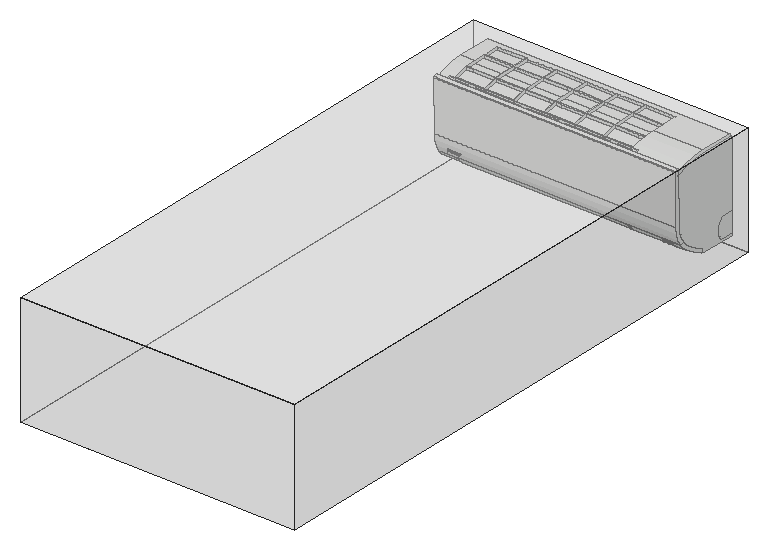
Revit family "outputfile", category 機械設備, Revit 2024 (continued)
Definition of nested family "DAIKIN_indoorunit_FTKF-AV14"
  Cuts and joins
    Extrusion 50 cuts Extrusion 49
    Extrusion 52, Extrusion 54 cuts Extrusion 2
    Extrusion 52, Extrusion 54 cuts Extrusion 6
    Extrusion 54 cuts Extrusion 53
    Extrusion 47 cuts Extrusion 46
  Lines and regions (mm)
    reference lines
      curve 1: line (-523, -203.827, -201.479) -> (-523, -197.847, -215.327)
      curve 2: line (-523, -218.956, -203.806) -> (-523, -217.93, -217.251)
      curve 3: line (-523, -253.284, -206.176) -> (-523, -252.024, -219.601)
  Dimensions and locks
    locked: Extrusion 9 sketch curve to Extrusion 9 sketch curve at 60
    locked: Extrusion 9 sketch curve to Extrusion 9 sketch curve at 50
    locked: Extrusion 11 sketch curve to Extrusion 11 sketch curve at 48.5
    equal spacing: plane 5, plane 3 "Center (Left/Right)", plane 4
    "Width": plane 5 to plane 4
    locked: Extrusion 8 sketch curve to plane 4 at 48
    "WALL HOLE-R": plane 5 to Extrusion 8 sketch curve
    "Height": plane 2 "reference_level" to plane 6
    locked: Extrusion 8 sketch curve to plane 6 at 45  (x2)
    Extrusion 13 to nested 2 = 36.0 mm
    locked: Extrusion 19 sketch curve to Extrusion 19 sketch curve at 60
    locked: Extrusion 20 sketch curve to Extrusion 20 sketch curve at 60
    Extrusion 21 sketch curve to Extrusion 21 sketch curve = 52.0 mm  (x2)
    Extrusion 11 sketch curve to Extrusion 11 sketch curve to plane 3 "Center (Left/Right)" = 60.0 mm locked, 286.0 mm locked
    plane 3 "Center (Left/Right)" to Extrusion 11 sketch curve to Extrusion 11 sketch curve = 259.0 mm locked, 60.0 mm locked
    Extrusion 21 sketch curve to Extrusion 21 sketch curve to plane 3 "Center (Left/Right)" to Extrusion 21 sketch curve to Extrusion 21 sketch curve = 60.0 mm, 309.0 mm, 309.0 mm, 60.0 mm
    Extrusion 42 sketch curve to plane 1 "Center (Front/Back)" = 61.8 mm
    Extrusion 42 sketch curve to Extrusion 42 sketch curve to plane 3 "Center (Left/Right)" to Extrusion 42 sketch curve to Extrusion 42 sketch curve = 73.5 mm locked, 395.5 mm locked, 395.5 mm locked, 73.5 mm locked
    aligned and locked: level to plane 2 "reference_level"
    aligned and locked: Extrusion 11 sketch curve to Extrusion 11 sketch curve  (x2)
    aligned and locked: Extrusion 8 to plane 1 "Center (Front/Back)"
    aligned and locked: nested 2 to curve 2
    aligned and locked: nested 3 to curve 3
    aligned and locked: Extrusion 42 sketch curve to Extrusion 42 sketch curve
  Automatic sketch dimensions
    Extrusion 4 sketch curve to plane 1 "Center (Front/Back)" = 0.0 mm
    plane 1 "Center (Front/Back)" to Extrusion 4 sketch curve = 2.596 mm
    plane 1 "Center (Front/Back)" to Extrusion 4 sketch curve = 22.05 mm
    Extrusion 4 sketch curve to level = 8.0 mm
    Extrusion 4 sketch curve to Extrusion 4 sketch curve = 87.469 mm
    Extrusion 4 sketch curve to Extrusion 4 sketch curve = 23.928 mm
    Extrusion 4 sketch curve to Extrusion 4 sketch curve = 26.307 mm
    Extrusion 4 sketch curve to Extrusion 4 sketch curve = 83.5 mm
    Extrusion 4 sketch curve to level = 28.539 mm
    Extrusion 4 sketch curve to Extrusion 4 sketch curve = 91.44 mm
    Extrusion 4 sketch curve to Extrusion 4 sketch curve = 12.229 mm
    Extrusion 4 sketch curve to Extrusion 4 sketch curve = 32.705 mm
    Extrusion 4 sketch curve to level = 43.491 mm
    Extrusion 4 sketch curve to Extrusion 4 sketch curve = 3.707 mm
    Extrusion 4 sketch curve to Extrusion 4 sketch curve = 52.472 mm
    Extrusion 4 sketch curve to Extrusion 4 sketch curve = 0.0 mm
    plane 1 "Center (Front/Back)" to Extrusion 5 sketch curve = 192.48 mm
    Extrusion 5 sketch curve to Extrusion 5 sketch curve = 11.872 mm
    Extrusion 5 sketch curve to Extrusion 5 sketch curve = 65.26 mm
    Extrusion 5 sketch curve to Extrusion 5 sketch curve = 0.31 mm  (x2)
    Extrusion 5 sketch curve to Extrusion 5 sketch curve = 66.449 mm
    plane 1 "Center (Front/Back)" to Extrusion 5 sketch curve = 22.36 mm
    Extrusion 5 sketch curve to level = 276.027 mm
    Extrusion 5 sketch curve to Extrusion 5 sketch curve = 10.915 mm
    Extrusion 5 sketch curve to Extrusion 5 sketch curve = 42.154 mm
    Extrusion 5 sketch curve to Extrusion 5 sketch curve = 1.37 mm
    Extrusion 5 sketch curve to Extrusion 5 sketch curve = 54.088 mm
    Extrusion 5 sketch curve to Extrusion 5 sketch curve = 0.0 mm  (x2)
    Extrusion 5 sketch curve to level = 43.491 mm
    plane 1 "Center (Front/Back)" to Extrusion 6 sketch curve = 192.48 mm
    Extrusion 6 sketch curve to Extrusion 6 sketch curve = 11.872 mm
    Extrusion 6 sketch curve to Extrusion 6 sketch curve = 65.26 mm
    Extrusion 6 sketch curve to Extrusion 6 sketch curve = 0.31 mm  (x2)
    Extrusion 6 sketch curve to Extrusion 6 sketch curve = 66.449 mm
    plane 1 "Center (Front/Back)" to Extrusion 6 sketch curve = 22.36 mm
    Extrusion 6 sketch curve to level = 276.027 mm
    Extrusion 6 sketch curve to Extrusion 6 sketch curve = 10.915 mm
    Extrusion 6 sketch curve to Extrusion 6 sketch curve = 42.154 mm
    Extrusion 6 sketch curve to Extrusion 6 sketch curve = 1.37 mm
    Extrusion 6 sketch curve to Extrusion 6 sketch curve = 54.088 mm
    Extrusion 6 sketch curve to Extrusion 6 sketch curve = 0.0 mm  (x2)
    Extrusion 6 sketch curve to level = 43.491 mm
    plane 1 "Center (Front/Back)" to Extrusion 7 sketch curve = 72.419 mm
    Extrusion 7 sketch curve to plane 3 "Center (Left/Right)" = 324.633 mm
    Extrusion 7 sketch curve to Extrusion 7 sketch curve = 0.0 mm  (x39)
    plane 1 "Center (Front/Back)" to Extrusion 7 sketch curve = 75.939 mm
    Extrusion 7 sketch curve to Extrusion 7 sketch curve = 20.633 mm  (x2)
    plane 1 "Center (Front/Back)" to Extrusion 7 sketch curve = 74.9 mm
    plane 1 "Center (Front/Back)" to Extrusion 7 sketch curve = 142.3 mm
    Extrusion 7 sketch curve to Extrusion 7 sketch curve = 24.633 mm
    Extrusion 7 sketch curve to Extrusion 7 sketch curve = 69.1 mm
    plane 1 "Center (Front/Back)" to Extrusion 7 sketch curve = 24.5 mm  (x4)
    Extrusion 7 sketch curve to Extrusion 7 sketch curve = 1.4 mm  (x23)
    Extrusion 7 sketch curve to Extrusion 7 sketch curve = 86.6 mm
    Extrusion 7 sketch curve to Extrusion 7 sketch curve = 70.6 mm
    Extrusion 7 sketch curve to Extrusion 7 sketch curve = 20.0 mm  (x4)
    plane 3 "Center (Left/Right)" to Extrusion 7 sketch curve = 36.5 mm  (x2)
    Extrusion 7 sketch curve to Extrusion 7 sketch curve = 87.0 mm
    Extrusion 7 sketch curve to Extrusion 7 sketch curve = 69.717 mm
    Extrusion 7 sketch curve to Extrusion 7 sketch curve = 1.026 mm
    Extrusion 7 sketch curve to Extrusion 7 sketch curve = 38.883 mm
    Extrusion 7 sketch curve to Extrusion 7 sketch curve = 39.104 mm
    Extrusion 7 sketch curve to Extrusion 7 sketch curve = 1.291 mm
    Extrusion 7 sketch curve to Extrusion 7 sketch curve = 1.048 mm  (x5)
    Extrusion 7 sketch curve to Extrusion 7 sketch curve = 41.2 mm
    Extrusion 7 sketch curve to Extrusion 7 sketch curve = 3.496 mm  (x2)
    Extrusion 7 sketch curve to Extrusion 7 sketch curve = 3.508 mm
    Extrusion 7 sketch curve to Extrusion 7 sketch curve = 63.904 mm
    Extrusion 7 sketch curve to Extrusion 7 sketch curve = 66.0 mm
    Extrusion 7 sketch curve to Extrusion 7 sketch curve = 3.386 mm
    Extrusion 9 sketch curve to plane 1 "Center (Front/Back)" = 0.0 mm
    Extrusion 9 sketch curve to Extrusion 9 sketch curve = 20.0 mm  (x2)
    Extrusion 9 sketch curve to level = 273.0 mm
    plane 1 "Center (Front/Back)" to Extrusion 11 sketch curve = 0.0 mm
    Extrusion 11 sketch curve to Extrusion 11 sketch curve = 18.5 mm  (x3)
    Extrusion 11 sketch curve to Extrusion 11 sketch curve = 23.0 mm
    Extrusion 12 sketch curve to level = 0.0 mm
    Extrusion 12 sketch curve to plane 1 "Center (Front/Back)" = 0.0 mm
    plane 1 "Center (Front/Back)" to Extrusion 12 sketch curve = 5.0 mm
    Extrusion 12 sketch curve to plane 1 "Center (Front/Back)" = 14.977 mm
    Extrusion 12 sketch curve to level = 9.02 mm
    Extrusion 12 sketch curve to level = 11.0 mm
    level to Extrusion 12 sketch curve = 9.314 mm
    plane 1 "Center (Front/Back)" to Extrusion 14 sketch curve = 23.5 mm  (x3)
    Extrusion 14 sketch curve to plane 3 "Center (Left/Right)" = 355.499 mm
    Extrusion 14 sketch curve to Extrusion 14 sketch curve = 0.0 mm  (x34)
    Extrusion 14 sketch curve to Extrusion 14 sketch curve = 101.5 mm
    Extrusion 14 sketch curve to Extrusion 14 sketch curve = 2.6 mm  (x8)
    Extrusion 14 sketch curve to Extrusion 14 sketch curve = 99.5 mm  (x2)
    Extrusion 14 sketch curve to plane 3 "Center (Left/Right)" = 54.549 mm
    Extrusion 14 sketch curve to Extrusion 14 sketch curve = 12.0 mm  (x7)
    plane 3 "Center (Left/Right)" to Extrusion 14 sketch curve = 52.301 mm  (x2)
    Extrusion 14 sketch curve to Extrusion 14 sketch curve = 73.2 mm  (x2)
    Extrusion 14 sketch curve to Extrusion 14 sketch curve = 2.4 mm  (x6)
    Extrusion 14 sketch curve to Extrusion 14 sketch curve = 71.0 mm  (x3)
    Extrusion 14 sketch curve to Extrusion 14 sketch curve = 1.6 mm  (x6)
    Extrusion 14 sketch curve to Extrusion 14 sketch curve = 30.0 mm  (x3)
    plane 1 "Center (Front/Back)" to Extrusion 15 sketch curve = 194.856 mm
    Extrusion 15 sketch curve to Extrusion 15 sketch curve = 9.074 mm
    Extrusion 15 sketch curve to Extrusion 15 sketch curve = 86.508 mm
    level to Extrusion 15 sketch curve = 11.72 mm
    plane 1 "Center (Front/Back)" to Extrusion 15 sketch curve = 52.895 mm
    Extrusion 15 sketch curve to Extrusion 15 sketch curve = 0.004 mm
    Extrusion 15 sketch curve to Extrusion 15 sketch curve = 0.033 mm
    Extrusion 15 sketch curve to level = 244.604 mm
    Extrusion 15 sketch curve to Extrusion 15 sketch curve = 7.382 mm
    plane 1 "Center (Front/Back)" to Extrusion 16 sketch curve = 194.856 mm
    Extrusion 16 sketch curve to Extrusion 16 sketch curve = 9.074 mm
    Extrusion 16 sketch curve to Extrusion 16 sketch curve = 86.508 mm
    level to Extrusion 16 sketch curve = 11.72 mm
    plane 1 "Center (Front/Back)" to Extrusion 16 sketch curve = 52.895 mm
    Extrusion 16 sketch curve to Extrusion 16 sketch curve = 0.004 mm
    Extrusion 16 sketch curve to level = 244.604 mm
    Extrusion 16 sketch curve to Extrusion 16 sketch curve = 7.382 mm
    Extrusion 16 sketch curve to Extrusion 16 sketch curve = 10.901 mm
    plane 1 "Center (Front/Back)" to Extrusion 17 sketch curve = 194.856 mm
    Extrusion 17 sketch curve to Extrusion 17 sketch curve = 9.074 mm
    Extrusion 17 sketch curve to Extrusion 17 sketch curve = 86.508 mm
    level to Extrusion 17 sketch curve = 11.72 mm
    plane 1 "Center (Front/Back)" to Extrusion 17 sketch curve = 52.895 mm
    Extrusion 17 sketch curve to Extrusion 17 sketch curve = 0.004 mm
    Extrusion 17 sketch curve to level = 244.604 mm
    Extrusion 17 sketch curve to Extrusion 17 sketch curve = 7.382 mm
    Extrusion 17 sketch curve to Extrusion 17 sketch curve = 10.901 mm
    Extrusion 19 sketch curve to plane 1 "Center (Front/Back)" = 0.0 mm
    Extrusion 19 sketch curve to Extrusion 19 sketch curve = 32.8 mm
    plane 1 "Center (Front/Back)" to Extrusion 19 sketch curve = 32.8 mm
    Extrusion 19 sketch curve to Extrusion 19 sketch curve = 19.2 mm
    Extrusion 19 sketch curve to level = 269.6 mm
    Extrusion 20 sketch curve to plane 1 "Center (Front/Back)" = 0.0 mm
    Extrusion 20 sketch curve to Extrusion 20 sketch curve = 32.8 mm  (x2)
    Extrusion 20 sketch curve to Extrusion 20 sketch curve = 19.2 mm
    Extrusion 20 sketch curve to level = 269.6 mm
    plane 1 "Center (Front/Back)" to Extrusion 21 sketch curve = 0.0 mm  (x2)
    Extrusion 21 sketch curve to Extrusion 21 sketch curve = 20.0 mm  (x4)
    Extrusion 22 sketch curve to plane 3 "Center (Left/Right)" = 339.0 mm
    plane 3 "Center (Left/Right)" to Extrusion 22 sketch curve = 231.0 mm
    plane 1 "Center (Front/Back)" to Extrusion 22 sketch curve = 202.769 mm
    Extrusion 22 sketch curve to Extrusion 22 sketch curve = 17.012 mm
    Extrusion 23 sketch curve to plane 3 "Center (Left/Right)" = 339.0 mm
    Extrusion 23 sketch curve to Extrusion 23 sketch curve = 15.0 mm  (x2)
    plane 3 "Center (Left/Right)" to Extrusion 23 sketch curve = 216.0 mm
    plane 1 "Center (Front/Back)" to Extrusion 23 sketch curve = 202.757 mm  (x2)
    Extrusion 23 sketch curve to Extrusion 23 sketch curve = 17.0 mm  (x2)
    Extrusion 24 sketch curve to plane 3 "Center (Left/Right)" = 324.0 mm
    Extrusion 24 sketch curve to Extrusion 24 sketch curve = 43.629 mm
    Extrusion 24 sketch curve to Extrusion 24 sketch curve = 1.5 mm  (x9)
    Extrusion 24 sketch curve to Extrusion 24 sketch curve = 21.542 mm  (x3)
    Extrusion 24 sketch curve to plane 3 "Center (Left/Right)" = 123.621 mm
    Extrusion 24 sketch curve to plane 3 "Center (Left/Right)" = 9.121 mm
    plane 3 "Center (Left/Right)" to Extrusion 24 sketch curve = 13.921 mm
    Extrusion 24 sketch curve to Extrusion 24 sketch curve = 132.208 mm
    Extrusion 24 sketch curve to Extrusion 24 sketch curve = 43.829 mm
    plane 1 "Center (Front/Back)" to Extrusion 24 sketch curve = 202.757 mm
    plane 1 "Center (Front/Back)" to Extrusion 24 sketch curve = 195.757 mm
    Extrusion 24 sketch curve to Extrusion 24 sketch curve = 7.0 mm  (x2)
    Extrusion 24 sketch curve to Extrusion 24 sketch curve = 3.5 mm  (x4)
    Extrusion 24 sketch curve to Extrusion 24 sketch curve = 12.0 mm
    Extrusion 26 sketch curve to plane 3 "Center (Left/Right)" = 373.412 mm
    Extrusion 26 sketch curve to Extrusion 26 sketch curve = 1.011 mm
    Extrusion 26 sketch curve to Extrusion 26 sketch curve = 15.228 mm
    Extrusion 26 sketch curve to Extrusion 26 sketch curve = 0.132 mm
    plane 3 "Center (Left/Right)" to Extrusion 26 sketch curve = 259.015 mm
    Extrusion 26 sketch curve to Extrusion 26 sketch curve = 0.133 mm
    Extrusion 26 sketch curve to Extrusion 26 sketch curve = 15.197 mm
    Extrusion 26 sketch curve to Extrusion 26 sketch curve = 16.358 mm
    plane 1 "Center (Front/Back)" to Extrusion 26 sketch curve = 238.673 mm
    Extrusion 26 sketch curve to Extrusion 26 sketch curve = 34.983 mm
    Extrusion 26 sketch curve to Extrusion 26 sketch curve = 3.79 mm  (x2)
    plane 3 "Center (Left/Right)" to Extrusion 26 sketch curve = 247.689 mm
    plane 1 "Center (Front/Back)" to Extrusion 26 sketch curve = 58.091 mm
    Extrusion 27 sketch curve to plane 3 "Center (Left/Right)" = 373.099 mm
    Extrusion 27 sketch curve to Extrusion 27 sketch curve = 0.698 mm
    Extrusion 27 sketch curve to Extrusion 27 sketch curve = 15.228 mm
    Extrusion 27 sketch curve to Extrusion 27 sketch curve = 0.132 mm
    Extrusion 27 sketch curve to Extrusion 27 sketch curve = 1.99 mm
    plane 3 "Center (Left/Right)" to Extrusion 27 sketch curve = 257.001 mm
    Extrusion 27 sketch curve to Extrusion 27 sketch curve = 2.014 mm
    Extrusion 27 sketch curve to Extrusion 27 sketch curve = 0.133 mm
    Extrusion 27 sketch curve to Extrusion 27 sketch curve = 15.196 mm
    Extrusion 27 sketch curve to Extrusion 27 sketch curve = 18.053 mm
    plane 1 "Center (Front/Back)" to Extrusion 27 sketch curve = 226.673 mm  (x2)
    Extrusion 27 sketch curve to Extrusion 27 sketch curve = 22.983 mm  (x2)
    Extrusion 27 sketch curve to Extrusion 27 sketch curve = 3.79 mm  (x2)
    Extrusion 28 sketch curve to plane 3 "Center (Left/Right)" = 355.05 mm
    plane 3 "Center (Left/Right)" to Extrusion 28 sketch curve = 257.001 mm
    plane 1 "Center (Front/Back)" to Extrusion 28 sketch curve = 226.673 mm
    Extrusion 28 sketch curve to Extrusion 28 sketch curve = 22.983 mm
    Extrusion 29 sketch curve to level = 0.0 mm
    Extrusion 29 sketch curve to level = 30.0 mm
    plane 1 "Center (Front/Back)" to Extrusion 29 sketch curve = 238.673 mm
    Extrusion 29 sketch curve to Extrusion 29 sketch curve = 38.773 mm
    Extrusion 29 sketch curve to Extrusion 29 sketch curve = 0.0 mm  (x2)
    plane 1 "Center (Front/Back)" to Extrusion 29 sketch curve = 45.84 mm
    Extrusion 29 sketch curve to plane 1 "Center (Front/Back)" = 14.977 mm
    Extrusion 29 sketch curve to Extrusion 29 sketch curve = 994.66 mm
    Extrusion 29 sketch curve to Extrusion 29 sketch curve = 0.163 mm
    Extrusion 29 sketch curve to Extrusion 29 sketch curve = 7.224 mm
    Extrusion 29 sketch curve to level = 11.646 mm
    level to Extrusion 29 sketch curve = 9.314 mm
    Extrusion 29 sketch curve to Extrusion 29 sketch curve = 13.398 mm
    Extrusion 30 sketch curve to Extrusion 30 sketch curve = 0.0 mm  (x2)
    plane 1 "Center (Front/Back)" to Extrusion 30 sketch curve = 189.887 mm
    Extrusion 30 sketch curve to Extrusion 30 sketch curve = 11.307 mm
    Extrusion 30 sketch curve to Extrusion 30 sketch curve = 46.464 mm
    Extrusion 30 sketch curve to Extrusion 30 sketch curve = 21.724 mm
    Extrusion 30 sketch curve to level = 277.1 mm
    Extrusion 30 sketch curve to Extrusion 30 sketch curve = 22.499 mm
    Extrusion 31 sketch curve to Extrusion 31 sketch curve = 0.0 mm  (x2)
    plane 1 "Center (Front/Back)" to Extrusion 31 sketch curve = 189.887 mm
    Extrusion 31 sketch curve to Extrusion 31 sketch curve = 11.307 mm
    Extrusion 31 sketch curve to Extrusion 31 sketch curve = 46.464 mm
    Extrusion 31 sketch curve to Extrusion 31 sketch curve = 21.724 mm
    Extrusion 31 sketch curve to level = 277.1 mm
    Extrusion 31 sketch curve to Extrusion 31 sketch curve = 22.499 mm
    Extrusion 32 sketch curve to Extrusion 32 sketch curve = 0.0 mm  (x2)
    plane 1 "Center (Front/Back)" to Extrusion 32 sketch curve = 185.929 mm
    Extrusion 32 sketch curve to Extrusion 32 sketch curve = 6.899 mm
    Extrusion 32 sketch curve to Extrusion 32 sketch curve = 9.219 mm
    Extrusion 32 sketch curve to Extrusion 32 sketch curve = 7.915 mm
    Extrusion 32 sketch curve to level = 264.005 mm
    Extrusion 32 sketch curve to Extrusion 32 sketch curve = 7.405 mm
    Extrusion 33 sketch curve to Extrusion 33 sketch curve = 0.0 mm  (x2)
    plane 1 "Center (Front/Back)" to Extrusion 33 sketch curve = 185.929 mm
    Extrusion 33 sketch curve to Extrusion 33 sketch curve = 6.899 mm
    Extrusion 33 sketch curve to Extrusion 33 sketch curve = 9.219 mm
    Extrusion 33 sketch curve to Extrusion 33 sketch curve = 7.915 mm
    Extrusion 33 sketch curve to level = 264.005 mm
    Extrusion 33 sketch curve to Extrusion 33 sketch curve = 7.405 mm
    plane 1 "Center (Front/Back)" to Extrusion 36 sketch curve = 233.849 mm
    Extrusion 36 sketch curve to Extrusion 36 sketch curve = 11.574 mm
    Extrusion 36 sketch curve to Extrusion 36 sketch curve = 106.825 mm
    Extrusion 36 sketch curve to Extrusion 36 sketch curve = 0.0 mm
    level to Extrusion 36 sketch curve = 3.941 mm
    plane 1 "Center (Front/Back)" to Extrusion 36 sketch curve = 90.201 mm
    Extrusion 36 sketch curve to Extrusion 36 sketch curve = 0.002 mm
    Extrusion 36 sketch curve to Extrusion 36 sketch curve = 0.776 mm
    Extrusion 36 sketch curve to level = 250.06 mm
    Extrusion 36 sketch curve to Extrusion 36 sketch curve = 9.301 mm
    Extrusion 36 sketch curve to Extrusion 36 sketch curve = 31.169 mm
    Extrusion 36 sketch curve to Extrusion 36 sketch curve = 13.702 mm
    Extrusion 36 sketch curve to Extrusion 36 sketch curve = 27.641 mm
    plane 1 "Center (Front/Back)" to Extrusion 37 sketch curve = 233.849 mm
    Extrusion 37 sketch curve to Extrusion 37 sketch curve = 11.574 mm
    Extrusion 37 sketch curve to Extrusion 37 sketch curve = 106.825 mm
    Extrusion 37 sketch curve to Extrusion 37 sketch curve = 0.0 mm
    level to Extrusion 37 sketch curve = 3.941 mm
    plane 1 "Center (Front/Back)" to Extrusion 37 sketch curve = 90.201 mm
    Extrusion 37 sketch curve to Extrusion 37 sketch curve = 0.002 mm
    Extrusion 37 sketch curve to Extrusion 37 sketch curve = 0.776 mm
    Extrusion 37 sketch curve to level = 250.06 mm
    Extrusion 37 sketch curve to Extrusion 37 sketch curve = 9.301 mm
    Extrusion 37 sketch curve to Extrusion 37 sketch curve = 31.169 mm
    Extrusion 37 sketch curve to Extrusion 37 sketch curve = 13.702 mm
    Extrusion 37 sketch curve to Extrusion 37 sketch curve = 27.641 mm
    plane 1 "Center (Front/Back)" to Extrusion 38 sketch curve = 233.849 mm
    Extrusion 38 sketch curve to Extrusion 38 sketch curve = 11.574 mm
    Extrusion 38 sketch curve to Extrusion 38 sketch curve = 106.825 mm
    Extrusion 38 sketch curve to Extrusion 38 sketch curve = 0.0 mm
    level to Extrusion 38 sketch curve = 3.941 mm
    plane 1 "Center (Front/Back)" to Extrusion 38 sketch curve = 90.201 mm
    Extrusion 38 sketch curve to Extrusion 38 sketch curve = 0.002 mm
    Extrusion 38 sketch curve to Extrusion 38 sketch curve = 0.776 mm
    Extrusion 38 sketch curve to level = 250.06 mm
    Extrusion 38 sketch curve to Extrusion 38 sketch curve = 9.301 mm
    Extrusion 38 sketch curve to Extrusion 38 sketch curve = 31.169 mm
    Extrusion 38 sketch curve to Extrusion 38 sketch curve = 13.702 mm
    Extrusion 38 sketch curve to Extrusion 38 sketch curve = 27.641 mm
    Extrusion 40 sketch curve to plane 1 "Center (Front/Back)" = 0.0 mm
    plane 1 "Center (Front/Back)" to Extrusion 40 sketch curve = 41.8 mm
    Extrusion 40 sketch curve to Extrusion 40 sketch curve = 0.0 mm  (x2)
    Extrusion 40 sketch curve to Extrusion 40 sketch curve = 20.0 mm
    Extrusion 40 sketch curve to level = 275.5 mm
    Extrusion 40 sketch curve to Extrusion 40 sketch curve = 33.5 mm
    Extrusion 41 sketch curve to plane 1 "Center (Front/Back)" = 0.0 mm
    plane 1 "Center (Front/Back)" to Extrusion 41 sketch curve = 41.8 mm
    Extrusion 41 sketch curve to Extrusion 41 sketch curve = 0.0 mm
    Extrusion 41 sketch curve to Extrusion 41 sketch curve = 20.0 mm
    Extrusion 41 sketch curve to level = 202.0 mm
    Extrusion 41 sketch curve to Extrusion 41 sketch curve = 33.5 mm
    plane 1 "Center (Front/Back)" to Extrusion 42 sketch curve = 0.0 mm  (x2)
    Extrusion 42 sketch curve to Extrusion 42 sketch curve = 20.0 mm  (x4)
    plane 3 "Center (Left/Right)" to Extrusion 44 sketch curve = 380.0 mm
    Extrusion 46 sketch curve to plane 3 "Center (Left/Right)" = 466.5 mm
    plane 3 "Center (Left/Right)" to Extrusion 46 sketch curve = 366.0 mm
    plane 1 "Center (Front/Back)" to Extrusion 46 sketch curve = 264.436 mm
    Extrusion 46 sketch curve to Extrusion 46 sketch curve = 25.436 mm
    Extrusion 47 sketch curve to level = 33.272 mm
    Extrusion 47 sketch curve to level = 22.853 mm
    level to Extrusion 47 sketch curve = 5.0 mm
    Extrusion 48 sketch curve to Extrusion 48 sketch curve = 20.148 mm
    Extrusion 48 sketch curve to Extrusion 48 sketch curve = 44.745 mm
    Extrusion 48 sketch curve to Extrusion 48 sketch curve = 22.502 mm
    level to Extrusion 48 sketch curve = 6.546 mm
    plane 1 "Center (Front/Back)" to Extrusion 48 sketch curve = 89.423 mm
    Extrusion 48 sketch curve to Extrusion 48 sketch curve = 0.0 mm  (x2)
    Extrusion 48 sketch curve to Extrusion 48 sketch curve = 11.127 mm
    Extrusion 49 sketch curve to Extrusion 49 sketch curve = 0.0 mm  (x2)
    level to Extrusion 49 sketch curve = 6.546 mm
    plane 1 "Center (Front/Back)" to Extrusion 49 sketch curve = 89.423 mm
    Extrusion 49 sketch curve to level = 261.498 mm
    Extrusion 49 sketch curve to Extrusion 49 sketch curve = 11.127 mm
    Extrusion 49 sketch curve to Extrusion 49 sketch curve = 64.893 mm
    Extrusion 49 sketch curve to Extrusion 49 sketch curve = 20.148 mm
    Extrusion 50 sketch curve to Extrusion 50 sketch curve = 8.97 mm
    Extrusion 50 sketch curve to Extrusion 50 sketch curve = 7.404 mm
    level to Extrusion 50 sketch curve = 6.546 mm
    Extrusion 50 sketch curve to Extrusion 50 sketch curve = 6.785 mm
    Extrusion 50 sketch curve to Extrusion 50 sketch curve = 7.726 mm
    Extrusion 50 sketch curve to Extrusion 50 sketch curve = 0.0 mm  (x2)
    plane 1 "Center (Front/Back)" to Extrusion 50 sketch curve = 89.423 mm
    Extrusion 51 sketch curve to Extrusion 51 sketch curve = 0.0 mm  (x2)
    level to Extrusion 51 sketch curve = 6.546 mm
    plane 1 "Center (Front/Back)" to Extrusion 51 sketch curve = 89.423 mm
    Extrusion 51 sketch curve to level = 263.5 mm
    Extrusion 51 sketch curve to Extrusion 51 sketch curve = 6.785 mm
    Extrusion 51 sketch curve to Extrusion 51 sketch curve = 16.697 mm
    Extrusion 51 sketch curve to Extrusion 51 sketch curve = 7.726 mm
    Extrusion 10 sketch curve to plane 1 "Center (Front/Back)" = 0.0 mm
    plane 1 "Center (Front/Back)" to Extrusion 10 sketch curve = 30.0 mm
    Extrusion 10 sketch curve to Extrusion 10 sketch curve = 0.0 mm
    Extrusion 10 sketch curve to Extrusion 10 sketch curve = 20.0 mm  (x2)
    Extrusion 10 sketch curve to level = 273.0 mm
    Extrusion 3 sketch curve to level = 13.692 mm
    plane 1 "Center (Front/Back)" to Extrusion 3 sketch curve = 211.618 mm
    Extrusion 3 sketch curve to Extrusion 3 sketch curve = 0.618 mm
    Extrusion 3 sketch curve to Extrusion 3 sketch curve = 1.902 mm
    Extrusion 3 sketch curve to Extrusion 3 sketch curve = 2.0 mm
    Extrusion 3 sketch curve to level = 10.816 mm
    Extrusion 3 sketch curve to Extrusion 3 sketch curve = 8.849 mm
    Extrusion 3 sketch curve to Extrusion 3 sketch curve = 2.652 mm
    Extrusion 3 sketch curve to Extrusion 3 sketch curve = 151.871 mm
    Extrusion 3 sketch curve to Extrusion 3 sketch curve = 95.0 mm
    Extrusion 3 sketch curve to Extrusion 3 sketch curve = 10.31 mm
    Extrusion 3 sketch curve to Extrusion 3 sketch curve = 6.572 mm
    Extrusion 3 sketch curve to Extrusion 3 sketch curve = 0.097 mm
    Extrusion 3 sketch curve to Extrusion 3 sketch curve = 0.31 mm
    Extrusion 3 sketch curve to Extrusion 3 sketch curve = 11.812 mm
    plane 1 "Center (Front/Back)" to Extrusion 2 sketch curve = 115.348 mm
    plane 1 "Center (Front/Back)" to Extrusion 2 sketch curve = 22.36 mm
    Extrusion 2 sketch curve to level = 167.5 mm
    Extrusion 2 sketch curve to level = 43.491 mm
    Extrusion 2 sketch curve to Extrusion 2 sketch curve = 1.189 mm
    Extrusion 2 sketch curve to Extrusion 2 sketch curve = 58.182 mm
    Extrusion 2 sketch curve to Extrusion 2 sketch curve = 0.0 mm  (x4)
    Extrusion 2 sketch curve to Extrusion 2 sketch curve = 20.14 mm
    Extrusion 2 sketch curve to Extrusion 2 sketch curve = 0.31 mm  (x2)
    Extrusion 2 sketch curve to Extrusion 2 sketch curve = 11.872 mm
    Extrusion 2 sketch curve to Extrusion 2 sketch curve = 6.31 mm
    Extrusion 52 sketch curve to Extrusion 52 sketch curve = 0.0 mm  (x5)
    Extrusion 52 sketch curve to Extrusion 52 sketch curve = 52.75 mm
    plane 1 "Center (Front/Back)" to Extrusion 52 sketch curve = 22.36 mm
    Extrusion 52 sketch curve to Extrusion 52 sketch curve = 35.994 mm
    Extrusion 52 sketch curve to Extrusion 52 sketch curve = 64.506 mm
    Extrusion 52 sketch curve to level = 43.491 mm
    Extrusion 52 sketch curve to Extrusion 52 sketch curve = 6.981 mm
    Extrusion 52 sketch curve to Extrusion 52 sketch curve = 5.769 mm
    Extrusion 52 sketch curve to Extrusion 52 sketch curve = 3.0 mm
    Extrusion 52 sketch curve to Extrusion 52 sketch curve = 11.895 mm
    plane 1 "Center (Front/Back)" to Extrusion 53 sketch curve = 22.36 mm
    Extrusion 53 sketch curve to level = 43.491 mm
    Extrusion 53 sketch curve to Extrusion 53 sketch curve = 5.097 mm
    Extrusion 53 sketch curve to Extrusion 53 sketch curve = 48.896 mm
    Extrusion 53 sketch curve to Extrusion 53 sketch curve = 0.0 mm  (x6)
    Extrusion 53 sketch curve to Extrusion 53 sketch curve = 8.769 mm
    Extrusion 53 sketch curve to Extrusion 53 sketch curve = 11.895 mm
    Extrusion 53 sketch curve to Extrusion 53 sketch curve = 6.981 mm
    Extrusion 53 sketch curve to Extrusion 53 sketch curve = 3.0 mm
    Extrusion 54 sketch curve to Extrusion 54 sketch curve = 0.0 mm  (x6)
    Extrusion 54 sketch curve to Extrusion 54 sketch curve = 9.206 mm
    Extrusion 54 sketch curve to Extrusion 54 sketch curve = 61.422 mm
    plane 1 "Center (Front/Back)" to Extrusion 54 sketch curve = 22.36 mm
    Extrusion 54 sketch curve to Extrusion 54 sketch curve = 11.007 mm
    Extrusion 54 sketch curve to level = 43.491 mm
    Extrusion 54 sketch curve to Extrusion 54 sketch curve = 4.409 mm
    Extrusion 54 sketch curve to Extrusion 54 sketch curve = 1.8 mm
    Extrusion 54 sketch curve to Extrusion 54 sketch curve = 5.228 mm
    Extrusion 55 sketch curve to Extrusion 55 sketch curve = 61.422 mm
    Extrusion 55 sketch curve to level = 235.993 mm
    Extrusion 55 sketch curve to Extrusion 55 sketch curve = 4.409 mm
    Extrusion 55 sketch curve to Extrusion 55 sketch curve = 6.229 mm
    plane 1 "Center (Front/Back)" to Extrusion 55 sketch curve = 22.36 mm
    Extrusion 55 sketch curve to Extrusion 55 sketch curve = 0.0 mm  (x6)
    Extrusion 55 sketch curve to Extrusion 55 sketch curve = 8.205 mm
    Extrusion 55 sketch curve to Extrusion 55 sketch curve = 5.228 mm
    Extrusion 55 sketch curve to Extrusion 55 sketch curve = 1.8 mm
    Extrusion 25 sketch curve to Extrusion 25 sketch curve = 0.0 mm  (x4)
    Extrusion 25 sketch curve to level = 0.0 mm
    Extrusion 25 sketch curve to level = 35.0 mm
    plane 1 "Center (Front/Back)" to Extrusion 25 sketch curve = 205.202 mm
    Extrusion 25 sketch curve to Extrusion 25 sketch curve = 19.445 mm
    plane 1 "Center (Front/Back)" to Extrusion 25 sketch curve = 104.232 mm
    Extrusion 25 sketch curve to Extrusion 25 sketch curve = 209.941 mm
    Extrusion 25 sketch curve to Extrusion 25 sketch curve = 4.474 mm
    Extrusion 25 sketch curve to Extrusion 25 sketch curve = 8.811 mm
    Extrusion 12 sketch curve to Extrusion 12 sketch curve = 1.396 mm
    plane 1 "Center (Front/Back)" to Extrusion 12 sketch curve = 45.84 mm
    Extrusion 12 sketch curve to Extrusion 12 sketch curve = 0.0 mm
    Extrusion 12 sketch curve to Extrusion 12 sketch curve = 0.163 mm
    Extrusion 12 sketch curve to level = 26.758 mm
    Extrusion 18 sketch curve to plane 1 "Center (Front/Back)" = 0.0 mm
    level to Extrusion 18 sketch curve = 4.099 mm
    Extrusion 18 sketch curve to Extrusion 18 sketch curve = 0.857 mm
    Extrusion 18 sketch curve to Extrusion 18 sketch curve = 6.16 mm
    Extrusion 18 sketch curve to Extrusion 18 sketch curve = 46.473 mm
    Extrusion 18 sketch curve to Extrusion 18 sketch curve = 0.052 mm
    Extrusion 18 sketch curve to Extrusion 18 sketch curve = 69.066 mm
    Extrusion 18 sketch curve to Extrusion 18 sketch curve = 29.316 mm
    Extrusion 18 sketch curve to level = 26.762 mm
    Extrusion 18 sketch curve to Extrusion 18 sketch curve = 178.061 mm
    Extrusion 18 sketch curve to Extrusion 18 sketch curve = 4.015 mm
    Extrusion 18 sketch curve to Extrusion 18 sketch curve = 52.325 mm
    Extrusion 18 sketch curve to Extrusion 18 sketch curve = 11.703 mm
    Extrusion 18 sketch curve to Extrusion 18 sketch curve = 3.729 mm
    Extrusion 18 sketch curve to Extrusion 18 sketch curve = 7.779 mm
    Extrusion 18 sketch curve to level = 11.0 mm
    plane 1 "Center (Front/Back)" to Extrusion 18 sketch curve = 45.84 mm
    Extrusion 13 sketch curve to level = 15.416 mm
    plane 1 "Center (Front/Back)" to Extrusion 13 sketch curve = 197.648 mm
    Extrusion 13 sketch curve to Extrusion 13 sketch curve = 21.851 mm
    Extrusion 13 sketch curve to Extrusion 13 sketch curve = 8.255 mm
    plane 1 "Center (Front/Back)" to Extrusion 13 sketch curve = 46.245 mm
    Extrusion 13 sketch curve to Extrusion 13 sketch curve = 6.169 mm
    Extrusion 13 sketch curve to Extrusion 13 sketch curve = 10.292 mm
    Extrusion 13 sketch curve to Extrusion 13 sketch curve = 0.363 mm
    Extrusion 13 sketch curve to Extrusion 13 sketch curve = 1.994 mm
    Extrusion 13 sketch curve to Extrusion 13 sketch curve = 5.69 mm
    Extrusion 13 sketch curve to Extrusion 13 sketch curve = 20.433 mm
    Extrusion 13 sketch curve to Extrusion 13 sketch curve = 0.0 mm  (x3)
    Extrusion 13 sketch curve to Extrusion 13 sketch curve = 1.84 mm
    Extrusion 13 sketch curve to Extrusion 13 sketch curve = 9.251 mm
    Extrusion 13 sketch curve to Extrusion 13 sketch curve = 6.958 mm
    Extrusion 13 sketch curve to Extrusion 13 sketch curve = 0.157 mm
    Extrusion 13 sketch curve to level = 12.416 mm
    Extrusion 13 sketch curve to Extrusion 13 sketch curve = 201.658 mm
    Extrusion 34 sketch curve to plane 1 "Center (Front/Back)" = 0.0 mm
    Extrusion 34 sketch curve to level = 9.411 mm
    level to Extrusion 34 sketch curve = 0.0 mm
    plane 1 "Center (Front/Back)" to Extrusion 34 sketch curve = 5.217 mm
    Extrusion 34 sketch curve to Extrusion 34 sketch curve = 1.455 mm
    Extrusion 34 sketch curve to level = 10.748 mm
    Extrusion 34 sketch curve to Extrusion 34 sketch curve = 76.023 mm
    Extrusion 34 sketch curve to Extrusion 34 sketch curve = 0.06 mm
    Extrusion 34 sketch curve to level = 288.701 mm
    Extrusion 34 sketch curve to level = 18.596 mm
    Extrusion 34 sketch curve to Extrusion 34 sketch curve = 1.224 mm
    Extrusion 34 sketch curve to Extrusion 34 sketch curve = 3.693 mm
    Extrusion 34 sketch curve to level = 29.099 mm
    Extrusion 34 sketch curve to Extrusion 34 sketch curve = 1.436 mm
    Extrusion 35 sketch curve to plane 1 "Center (Front/Back)" = 0.0 mm
    plane 1 "Center (Front/Back)" to Extrusion 35 sketch curve = 61.8 mm
    Extrusion 35 sketch curve to level = 11.0 mm
    plane 1 "Center (Front/Back)" to Extrusion 35 sketch curve = 61.32 mm
    Extrusion 35 sketch curve to Extrusion 35 sketch curve = 52.85 mm
    Extrusion 35 sketch curve to Extrusion 35 sketch curve = 286.0 mm
    Extrusion 35 sketch curve to Extrusion 35 sketch curve = 2.004 mm
    Extrusion 35 sketch curve to Extrusion 35 sketch curve = 14.501 mm
    plane 1 "Center (Front/Back)" to Extrusion 35 sketch curve = 82.524 mm
    Extrusion 35 sketch curve to level = 29.099 mm
    Extrusion 35 sketch curve to level = 222.656 mm
    Extrusion 35 sketch curve to Extrusion 35 sketch curve = 43.948 mm
    Extrusion 35 sketch curve to Extrusion 35 sketch curve = 6.011 mm
    Extrusion 35 sketch curve to Extrusion 35 sketch curve = 14.16 mm
    level to Extrusion 35 sketch curve = 3.956 mm
    Extrusion 35 sketch curve to Extrusion 35 sketch curve = 28.88 mm
    Extrusion 35 sketch curve to Extrusion 35 sketch curve = 602.782 mm
    plane 1 "Center (Front/Back)" to Extrusion 39 sketch curve = 234.424 mm
    level to Extrusion 39 sketch curve = 23.59 mm
    plane 1 "Center (Front/Back)" to Extrusion 39 sketch curve = 83.906 mm
    Extrusion 39 sketch curve to level = 258.8 mm
    Extrusion 39 sketch curve to Extrusion 39 sketch curve = 14.508 mm
    Extrusion 39 sketch curve to Extrusion 39 sketch curve = 11.757 mm
    Extrusion 39 sketch curve to Extrusion 39 sketch curve = 9.554 mm
    Extrusion 39 sketch curve to Extrusion 39 sketch curve = 13.936 mm
    Extrusion 39 sketch curve to Extrusion 39 sketch curve = 26.899 mm
    Extrusion 39 sketch curve to Extrusion 39 sketch curve = 6.12 mm
    Extrusion 39 sketch curve to level = 18.854 mm
    Extrusion 39 sketch curve to level = 21.943 mm
    Extrusion 39 sketch curve to Extrusion 39 sketch curve = 7.064 mm
    plane 1 "Center (Front/Back)" to Extrusion 39 sketch curve = 81.184 mm
    Extrusion 39 sketch curve to Extrusion 39 sketch curve = 3.033 mm
    Extrusion 39 sketch curve to Extrusion 39 sketch curve = 0.318 mm
    Extrusion 39 sketch curve to Extrusion 39 sketch curve = 0.0 mm
    Extrusion 39 sketch curve to Extrusion 39 sketch curve = 1.499 mm
    curve 3 to level = 219.601 mm
    plane 1 "Center (Front/Back)" to curve 1 = 197.847 mm
    curve 3 to curve 2 = 2.35 mm
    curve 2 to curve 1 = 1.924 mm
    curve 3 to curve 3 = 13.425 mm
    curve 2 to curve 2 = 13.445 mm
    curve 1 to curve 1 = 13.848 mm
    curve 1 to curve 1 = 5.98 mm
    curve 1 to curve 2 = 20.083 mm
    curve 2 to curve 2 = 1.025 mm
    curve 2 to curve 3 = 34.094 mm
    curve 3 to curve 3 = 1.26 mm
    plane 1 "Center (Front/Back)" to Extrusion 43 sketch curve = 23.5 mm  (x4)
    Extrusion 43 sketch curve to plane 3 "Center (Left/Right)" = 465.5 mm
    Extrusion 43 sketch curve to Extrusion 43 sketch curve = 0.0 mm  (x44)
    Extrusion 43 sketch curve to Extrusion 43 sketch curve = 104.0 mm
    Extrusion 43 sketch curve to Extrusion 43 sketch curve = 2.5 mm  (x21)
    Extrusion 43 sketch curve to Extrusion 43 sketch curve = 101.0 mm  (x4)
    Extrusion 43 sketch curve to plane 3 "Center (Left/Right)" = 51.0 mm
    plane 3 "Center (Left/Right)" to Extrusion 43 sketch curve = 52.5 mm
    Extrusion 43 sketch curve to Extrusion 43 sketch curve = 57.7 mm
    Extrusion 43 sketch curve to Extrusion 43 sketch curve = 16.8 mm  (x3)
    Extrusion 43 sketch curve to Extrusion 43 sketch curve = 17.25 mm  (x3)
    Extrusion 43 sketch curve to Extrusion 43 sketch curve = 12.25 mm  (x2)
    Extrusion 43 sketch curve to Extrusion 43 sketch curve = 89.0 mm  (x3)
    Extrusion 43 sketch curve to Extrusion 43 sketch curve = 3.0 mm  (x11)
    Extrusion 43 sketch curve to Extrusion 43 sketch curve = 77.2 mm  (x4)
    Extrusion 43 sketch curve to Extrusion 43 sketch curve = 41.1 mm  (x4)
    Extrusion 45 sketch curve to plane 3 "Center (Left/Right)" = 482.5 mm
    Extrusion 45 sketch curve to Extrusion 45 sketch curve = 2.0 mm
    plane 1 "Center (Front/Back)" to Extrusion 45 sketch curve = 254.0 mm
    Extrusion 45 sketch curve to Extrusion 45 sketch curve = 15.0 mm  (x2)
    Extrusion 45 sketch curve to Extrusion 45 sketch curve = 14.0 mm
    Extrusion 45 sketch curve to Extrusion 45 sketch curve = 11.0 mm  (x2)
    plane 3 "Center (Left/Right)" to Extrusion 45 sketch curve = 367.0 mm
    Extrusion 45 sketch curve to Extrusion 45 sketch curve = 17.5 mm
    Extrusion 45 sketch curve to Extrusion 45 sketch curve = 4.5 mm
    plane 1 "Center (Front/Back)" to Extrusion 45 sketch curve = 265.0 mm
    Extrusion 44 sketch curve to Extrusion 44 sketch curve = 4.5 mm
    Extrusion 44 sketch curve to Extrusion 44 sketch curve = 10.436 mm  (x2)
    Extrusion 44 sketch curve to plane 3 "Center (Left/Right)" = 480.5 mm
    plane 1 "Center (Front/Back)" to Extrusion 44 sketch curve = 264.436 mm
    Extrusion 44 sketch curve to Extrusion 44 sketch curve = 2.0 mm
    Extrusion 44 sketch curve to Extrusion 44 sketch curve = 15.0 mm
    Extrusion 47 sketch curve to Extrusion 47 sketch curve = 39.736 mm
    Extrusion 47 sketch curve to Extrusion 47 sketch curve = 0.0 mm
    Extrusion 47 sketch curve to Extrusion 47 sketch curve = 10.742 mm
    plane 1 "Center (Front/Back)" to Extrusion 47 sketch curve = 81.299 mm
    Extrusion 47 sketch curve to Extrusion 47 sketch curve = 4.812 mm
    Extrusion 47 sketch curve to level = 29.099 mm
    Extrusion 47 sketch curve to Extrusion 47 sketch curve = 6.248 mm
    Extrusion 47 sketch curve to Extrusion 47 sketch curve = 1.224 mm
    Extrusion 47 sketch curve to Extrusion 47 sketch curve = 3.693 mm
    Extrusion 47 sketch curve to Extrusion 47 sketch curve = 10.502 mm
    plane 1 "Center (Front/Back)" to Extrusion 7 sketch curve = 72.431 mm
    Extrusion 7 sketch curve to Extrusion 7 sketch curve = 20.4 mm
    Extrusion 7 sketch curve to Extrusion 7 sketch curve = 17.5 mm  (x2)
    Extrusion 7 sketch curve to Extrusion 7 sketch curve = 0.877 mm
    Extrusion 7 sketch curve to Extrusion 7 sketch curve = 2.9 mm
    Extrusion 7 sketch curve to Extrusion 7 sketch curve = 17.663 mm
    Extrusion 7 sketch curve to Extrusion 7 sketch curve = 0.917 mm
    Extrusion 7 sketch curve to Extrusion 7 sketch curve = 69.3 mm
    Extrusion 7 sketch curve to Extrusion 7 sketch curve = 3.234 mm
    Extrusion 7 sketch curve to Extrusion 7 sketch curve = 64.166 mm
    Extrusion 14 sketch curve to Extrusion 14 sketch curve = 62.5 mm  (x2)
    Extrusion 14 sketch curve to Extrusion 14 sketch curve = 27.0 mm
    Extrusion 14 sketch curve to Extrusion 14 sketch curve = 15.0 mm
    Extrusion 14 sketch curve to Extrusion 14 sketch curve = 102.6 mm
    Extrusion 14 sketch curve to Extrusion 14 sketch curve = 18.0 mm  (x3)
    Extrusion 1 sketch curve to level = 0.0 mm
    Extrusion 1 sketch curve to level = 20.555 mm
    Extrusion 1 sketch curve to level = 29.25 mm
    Extrusion 1 sketch curve to Extrusion 1 sketch curve = 0.152 mm
    plane 1 "Center (Front/Back)" to Extrusion 1 sketch curve = 109.608 mm
    Extrusion 1 sketch curve to Extrusion 1 sketch curve = 0.089 mm
    plane 1 "Center (Front/Back)" to Extrusion 1 sketch curve = 8.198 mm
    plane 1 "Center (Front/Back)" to Extrusion 1 sketch curve = 2.596 mm
    Extrusion 1 sketch curve to Extrusion 1 sketch curve = 1.198 mm
    Extrusion 1 sketch curve to level = 8.0 mm
    Extrusion 4 sketch curve to Extrusion 4 sketch curve = 2.422 mm
    Extrusion 4 sketch curve to Extrusion 4 sketch curve = 21.82 mm
    radius of Extrusion 8 sketch curve = 40.0 mm  (x2)
  Nested families
    nested 1: "daikin_logo_plane_w40" at (-279, -204.799, -198.831) x (1, 0, 0) z (0, -0.9181, -0.3964), visible <- "switch_unit1_25", type "daikin_logo_plane_w40"
      with show_logo yes
    nested 2: "daikin_logo_plane_w40" at (-299, -218.583, -208.69) x (1, 0, 0) z (0, -0.9971, -0.076), visible <- "switch_unit1_35-50", type "daikin_logo_plane_w40"
      with show_logo yes
    nested 3: "daikin_logo_plane_w40" at (-409, -252.827, -211.052) x (1, 0, 0) z (0, -0.9956, -0.0934), visible <- "switch_unit1_60", type "daikin_logo_plane_w40"
      with show_logo yes
  Definition of nested family "daikin_logo_plane_w40"
    Parameters (values of type "daikin_logo_plane_w40")
      width = 40.0 mm
      show_logo [instance] = yes
      material = none
      height = 0.0 mm
      depth = 0.0 mm
      Default Elevation = 1219.2 mm
    Reference planes
      plane 1 "Center (Front/Back)": y = 0
      plane 2: z = 0
      plane 3 "Center (Left/Right)": x = 0
      plane 4: z = 2
      plane 5 "left": x = -19
      plane 6: x = 19
    Forms (mm)
      Extrusion 1, solid, visible <- "show_logo"
        sketch origin (-19, 0, 0) x (1, 0, 0) y (0, 1, 0)
          loop
            line (8.902, -1.878) -> (7.789, -6.332) -> (11.13, -6.332)
            arc (11.13, -6.332) -> (12.454, -6.064) -> (13.472, -5.176) r 2.642
            arc (13.472, -5.176) -> (13.92, -4.02) -> (13.767, -2.79) r 2.537
            arc (13.767, -2.79) -> (13.452, -2.342) -> (12.982, -2.06) r 1.321
            arc (12.982, -2.06) -> (12.063, -1.902) -> (11.13, -1.878) r 6.479
            line (11.13, -1.878) -> (8.902, -1.878)
          loop
            line (10.016, -5.441) -> (10.907, -5.441)
            arc (10.907, -5.441) -> (11.591, -4.983) -> (11.988, -4.261) r 1.742
            spline (11.988, -4.261) -> (12.01, -4.155) -> (12.027, -4.03) -> (12.037, -3.893) -> (12.037, -3.747) -> (12.026, -3.598) -> (12.002, -3.451) -> (11.962, -3.31) -> (11.905, -3.181) -> (11.829, -3.069) -> (11.731, -2.978) -> (11.61, -2.913) -> (11.464, -2.88)
            line (11.464, -2.88) -> (10.573, -2.88) -> (10.016, -5.441)
          loop
            line (13.58, -6.332) -> (14.805, -6.332) -> (15.223, -5.553) -> (16.977, -5.553) -> (17.144, -6.332) -> (19.149, -6.332) -> (18.258, -1.878) -> (16.03, -1.878) -> (13.58, -6.332)
          loop
            line (16.476, -3.214) -> (15.76, -4.551) -> (16.762, -4.551) -> (16.476, -3.214)
          loop
            line (19.705, -6.332) -> (21.599, -6.332) -> (22.712, -1.878) -> (20.819, -1.878) -> (19.705, -6.332)
          loop
            line (22.712, -6.332) -> (24.606, -6.332) -> (24.908, -5.122) -> (25.831, -6.332) -> (28.17, -6.332) -> (26.388, -3.994) -> (28.949, -1.878) -> (26.945, -1.878) -> (25.401, -3.153) -> (25.719, -1.878) -> (23.826, -1.878) -> (22.712, -6.332)
          loop
            line (29.84, -1.878) -> (28.615, -6.332) -> (30.62, -6.332) -> (31.734, -1.878) -> (29.84, -1.878)
          loop
            line (31.734, -6.332) -> (33.07, -6.332) -> (33.7, -3.814) -> (34.518, -6.332) -> (36.745, -6.332) -> (37.859, -1.878) -> (36.523, -1.878) -> (35.845, -4.589) -> (34.963, -1.878) -> (32.847, -1.878) -> (31.734, -6.332)
        from 0 to 2
      Extrusion 2, solid, visible <- "show_logo"
        sketch origin (-19, 0, 0) x (1, 0, 0) y (0, 1, 0)
          loop
            line (8.7, 0) -> (4.235, 0) -> (0, -3.879) -> (0, -8) -> (8.7, 0)
        from 0 to 2
      Extrusion 3, solid, visible <- "show_logo"
        sketch origin (-19, 0, 0) x (1, 0, 0) y (0, 1, 0)
          loop
            line (0, 0) -> (0, -3.879) -> (4.235, 0) -> (0, 0)
        from 0 to 2
    Dimensions and locks
      plane 4 to plane 2 = 2.0 mm
      equal spacing: plane 5 "left", plane 3 "Center (Left/Right)", plane 6
      locked: plane 5 "left" to plane 6 at 38
      aligned and locked: level to plane 2
      aligned and locked: Extrusion 3 to plane 1 "Center (Front/Back)"  (x2)
      aligned and locked: Extrusion 2 to plane 1 "Center (Front/Back)"  (x2)
      aligned and locked: plane 4 to Extrusion 1
      aligned and locked: plane 4 to Extrusion 3
      aligned and locked: plane 4 to Extrusion 2
      aligned and locked: Extrusion 3 to plane 5 "left"
      aligned and locked: Extrusion 2 to plane 5 "left"
    Automatic sketch dimensions
      Extrusion 1 sketch curve to Extrusion 1 sketch curve = 0.901 mm
      Extrusion 1 sketch curve to Extrusion 1 sketch curve = 1.559 mm
      Extrusion 1 sketch curve to Extrusion 1 sketch curve = 1.327 mm
      Extrusion 1 sketch curve to Extrusion 1 sketch curve = 2.145 mm
      Extrusion 1 sketch curve to Extrusion 1 sketch curve = 1.448 mm
      Extrusion 1 sketch curve to Extrusion 1 sketch curve = 2.116 mm
      Extrusion 1 sketch curve to Extrusion 1 sketch curve = 1.114 mm  (x4)
      Extrusion 1 sketch curve to Extrusion 1 sketch curve = 1.336 mm  (x2)
      plane 1 "Center (Front/Back)" to Extrusion 1 sketch curve = 1.878 mm  (x5)
      Extrusion 1 sketch curve to Extrusion 1 sketch curve = 1.893 mm  (x5)
      Extrusion 1 sketch curve to Extrusion 1 sketch curve = 0.891 mm  (x4)
      Extrusion 1 sketch curve to Extrusion 1 sketch curve = 2.005 mm  (x3)
      Extrusion 1 sketch curve to Extrusion 1 sketch curve = 0.445 mm  (x2)
      plane 1 "Center (Front/Back)" to Extrusion 1 sketch curve = 3.994 mm
      Extrusion 1 sketch curve to Extrusion 1 sketch curve = 0.557 mm  (x2)
      Extrusion 1 sketch curve to Extrusion 1 sketch curve = 2.339 mm  (x2)
      Extrusion 1 sketch curve to Extrusion 1 sketch curve = 1.225 mm  (x3)
      plane 1 "Center (Front/Back)" to Extrusion 1 sketch curve = 3.153 mm
      Extrusion 1 sketch curve to Extrusion 1 sketch curve = 0.987 mm
      plane 1 "Center (Front/Back)" to Extrusion 1 sketch curve = 5.122 mm
      Extrusion 1 sketch curve to Extrusion 1 sketch curve = 0.922 mm
      plane 1 "Center (Front/Back)" to Extrusion 1 sketch curve = 6.332 mm
      Extrusion 1 sketch curve to Extrusion 1 sketch curve = 2.562 mm
      plane 1 "Center (Front/Back)" to Extrusion 1 sketch curve = 5.553 mm
      Extrusion 1 sketch curve to Extrusion 1 sketch curve = 0.167 mm
      Extrusion 1 sketch curve to Extrusion 1 sketch curve = 0.215 mm
      plane 1 "Center (Front/Back)" to Extrusion 1 sketch curve = 3.214 mm
      Extrusion 1 sketch curve to Extrusion 1 sketch curve = 0.286 mm
      plane 1 "Center (Front/Back)" to Extrusion 1 sketch curve = 4.551 mm
      Extrusion 1 sketch curve to Extrusion 1 sketch curve = 1.002 mm
      Extrusion 1 sketch curve to Extrusion 1 sketch curve = 0.537 mm
      Extrusion 1 sketch curve to Extrusion 1 sketch curve = 0.418 mm
      Extrusion 1 sketch curve to Extrusion 1 sketch curve = 1.028 mm
      plane 1 "Center (Front/Back)" to Extrusion 1 sketch curve = 4.261 mm
      Extrusion 1 sketch curve to Extrusion 1 sketch curve = 0.563 mm
      plane 1 "Center (Front/Back)" to Extrusion 1 sketch curve = 2.88 mm
      Extrusion 1 sketch curve to Extrusion 1 sketch curve = 1.088 mm
      Extrusion 1 sketch curve to Extrusion 1 sketch curve = 2.152 mm
      Extrusion 1 sketch curve to Extrusion 1 sketch curve = 0.586 mm
      Extrusion 1 sketch curve to Extrusion 1 sketch curve = 0.118 mm
      Extrusion 1 sketch curve to Extrusion 1 sketch curve = 0.298 mm
      Extrusion 1 sketch curve to Extrusion 1 sketch curve = 0.334 mm
      Extrusion 1 sketch curve to Extrusion 1 sketch curve = 0.223 mm
      Extrusion 1 sketch curve to Extrusion 1 sketch curve = 0.266 mm
      Extrusion 1 sketch curve to Extrusion 1 sketch curve = 1.671 mm
      Extrusion 1 sketch curve to Extrusion 1 sketch curve = 2.227 mm
      Extrusion 1 sketch curve to Extrusion 1 sketch curve = 0.0 mm  (x7)
      Extrusion 1 sketch curve to Extrusion 1 sketch curve = 3.453 mm
      Extrusion 1 sketch curve to Extrusion 1 sketch curve = 2.017 mm
      Extrusion 1 sketch curve to Extrusion 1 sketch curve = 0.78 mm  (x2)
      Extrusion 1 sketch curve to Extrusion 1 sketch curve = 1.743 mm
      Extrusion 1 sketch curve to Extrusion 1 sketch curve = 0.775 mm
      Extrusion 1 sketch curve to Extrusion 1 sketch curve = 0.552 mm
      Extrusion 1 sketch curve to Extrusion 1 sketch curve = 0.014 mm
      Extrusion 1 sketch curve to Extrusion 1 sketch curve = 0.952 mm
      Extrusion 1 sketch curve to Extrusion 1 sketch curve = 1.215 mm
      Extrusion 1 sketch curve to Extrusion 1 sketch curve = 0.108 mm
      plane 1 "Center (Front/Back)" to Extrusion 2 sketch curve = 0.0 mm
      Extrusion 2 sketch curve to plane 3 "Center (Left/Right)" = 19.0 mm
      Extrusion 2 sketch curve to plane 3 "Center (Left/Right)" = 14.765 mm
      Extrusion 2 sketch curve to Extrusion 2 sketch curve = 4.465 mm
      plane 1 "Center (Front/Back)" to Extrusion 2 sketch curve = 3.879 mm
      Extrusion 2 sketch curve to Extrusion 2 sketch curve = 4.12 mm
      plane 1 "Center (Front/Back)" to Extrusion 3 sketch curve = 0.0 mm
      Extrusion 3 sketch curve to plane 3 "Center (Left/Right)" = 19.0 mm
      Extrusion 3 sketch curve to plane 3 "Center (Left/Right)" = 14.765 mm
      plane 1 "Center (Front/Back)" to Extrusion 3 sketch curve = 3.879 mm
      Extrusion 1 sketch curve to plane 3 "Center (Left/Right)" = 11.211 mm
      Extrusion 1 sketch curve to Extrusion 1 sketch curve = 1.782 mm
Definition of nested family "daikin_connector_rotate3"
  Parameters (values of type "daikin_connector_rotate3")
    show [instance] = yes
    radius [instance] = 10.0 mm
    length [instance] = 600.0 mm
    angle_horizontal [instance] = 60.00°
    angle_vertical [instance] = 90.00°
    Default Elevation = 1219.2 mm
  Reference planes
    plane 1 "Center (Front/Back)": y = 0
    plane 2: z = 0
    plane 3 "Center (Left/Right)": x = 0
  Dimensions and locks
    "angle_horizontal": angle plane 3 "Center (Left/Right)" to nested 1
    aligned and locked: level to plane 2
    aligned and locked: plane 1 "Center (Front/Back)" to nested 1  (x2)
    aligned and locked: plane 3 "Center (Left/Right)" to nested 1
  Nested families
    nested 1: "daikin_connector_rotate2" at (0, 0, 0) x (0.5, 0.866, 0) z (0, 0, 1), angle_vertical <- "angle_vertical", length <- "length", radius <- "radius", type "daikin_connector_rotate2"
      with radius 10.0 mm, length 600.0 mm, angle_vertical 90.00°
  Definition of nested family "daikin_connector_rotate2"
    Parameters (values of type "daikin_connector_rotate2")
      show_face = yes
      radius [instance] = 10.0 mm
      length [instance] = 600.0 mm
      d_surface = 10.0 mm
      angle_vertical [instance] = 90.00°
      Default Elevation = 0.0 mm
    Reference planes
      plane 1 "Center (Front/Back)": y = 0
      plane 2: z = 0
      plane 3 "Center (Left/Right)": x = 0
    Forms (mm)
      Extrusion 1, solid, visible <- "show_face"
        sketch origin (0, -600, 0) x (1, 0, 0) y (0, 0, 1)
          loop
            circle (0, 0) r 10
        from 0 to -10
    Lines and regions (mm)
      reference lines
        curve 1: line (0, 0, 0) -> (0, -600, 0)
      symbolic lines
        curve 2: circle (0, 0, 0) r 5 normal (0, 0, 1)
      model lines, visible <- "show_face"
        curve 3: line (0, 0, 0) -> (0, -600, 0)
    Dimensions and locks
      "length": curve 1 to curve 1
      "length": curve 3 to curve 3
      "d_surface": Extrusion 1 to Extrusion 1
      "radius": radius of Extrusion 1 sketch curve
      "angle_vertical": angle curve 1 to plane 1 "Center (Front/Back)"
      "angle_vertical": angle curve 3 to plane 1 "Center (Front/Back)"
      aligned and locked: level to plane 2
      aligned and locked: plane 1 "Center (Front/Back)" to curve 1
      aligned and locked: plane 2 to curve 1
      aligned and locked: plane 1 "Center (Front/Back)" to curve 2
      aligned and locked: plane 3 "Center (Left/Right)" to curve 2
      aligned and locked: plane 1 "Center (Front/Back)" to curve 3
      aligned and locked: plane 2 to curve 3
      aligned and locked: Extrusion 1 to Extrusion 1
    Automatic sketch dimensions
      Extrusion 1 sketch curve to level = 0.0 mm
      Extrusion 1 sketch curve to plane 3 "Center (Left/Right)" = 0.0 mm
      radius of curve 2 = 5.0 mm
